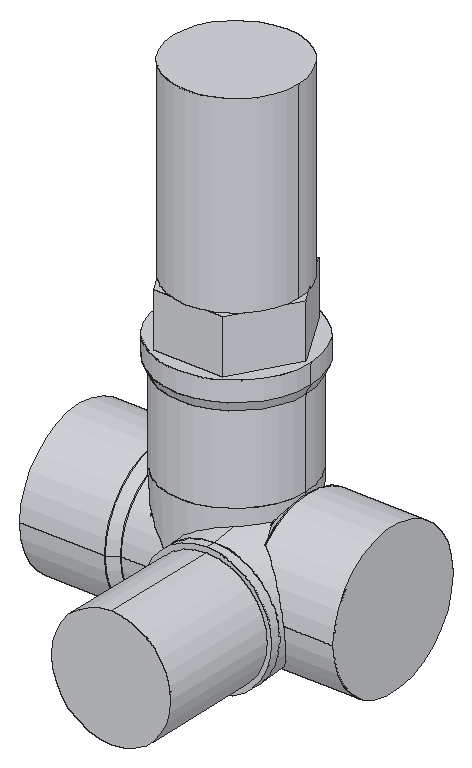
Revit family "TemCon_DN15_FF_RFA_2018", category Pipe Accessories, Revit 2018
Family settings
  Round Connector Dimension = Use Diameter
  Part Type = Valve - Breaks Into
  Work Plane-Based = No
  Always vertical = Yes
  Cut with Voids When Loaded = No
  Shared = No
Parameters (values of type "TemCon DN15 F/F")
  magiProductId = "b4af831f0cd8469b8a1c3640f49a5f"
  magiProductFamilyId = "bd44fe9f852841a2a328978ab5ffb8"
  magiPartTypeId = 306
  isMeasuringValve [instance] = no
  ang2D [instance] = 0.00°
  W2D = 15 mm
  W1 = 24 mm
  W = 42 mm
  VersionID = "2.0/2018.12.13.2/FRESE_TEMCON_F_001"
  Use Minimum Symbol Size [instance] = no
  URL = "www.hydronix.cz"
  Type Comments = "závitový s vnitřním závitem;  PN10;  max dp=100kPa; pracovní rozsah 10+-100°C; rozsah nastavení 37-65°C; rpzsah nastavení pro bypass 70-80°C;"
  R7 = 12 mm
  R6 = 13 mm
  R5 = 12.591 mm
  R4 = 14.99 mm
  R3 = 13.99 mm
  R2 = 13.5 mm
  R1 = 15 mm
  QmdConnectorList = "301;D;302;D"
  Productdata [instance] = ""
  Manufacturer = "Hydronix"
  MC Product Code = "47-2890 DN15 FF (37-65°C, max 100kPa)"
  LT2 = 31.5 mm
  L2D_Min = 30.48 mm
  L2D = 63 mm
  L2 = 24.98 mm
  L1__ve = -L1  # -17.01 mm
  L1 = 17.01 mm
  Keynote = ""
  H4 = 38.6 mm
  H3 = 10.8 mm
  H2 = 4 mm
  H1 = 17.6 mm
  Description = "Automatický termostatický vyvažovací ventil pro rozvody TUV"
  D = 15 mm
  CenSd_R3_6 = R3 * cos(30.00°)  # 12.116 mm
Reference planes
  plane 1 "Center (Front/Back)": y = 0
  plane 2 "XYPLANE": z = 0
  plane 3 "Center (Left/Right)": x = 0
  plane 4 "53": y = -42
  plane 5 "50": x = 8.49
  plane 6 "48": y = -16
  plane 7 "44": y = -18
  plane 8 "42": z = -2
  plane 9 "40": z = 49.4
  plane 10 "38": z = 38.6
  plane 11 "33": z = 34.6
  plane 12 "30": z = 32.6
  plane 13 "26": z = 15
  plane 14 "22": x = 14.49
  plane 15 "21": x = 12.49
  plane 16 "13": x = -12.49
  plane 17 "12": x = -14.49
  plane 18 "6": x = 31.5
  plane 19 "5": x = -31.5
  plane 20 "3": z = 0
  plane 21 "2": y = 0
  plane 22 "1": x = 0
Forms (mm)
  Extrusion 1, solid
    sketch origin (750, -42, 0) x (-1, 0, 0) y (0, 0, 1)
      loop
        circle (741.51, -2) r 12
    from 0 to 24 <- "W1"
  Blend 2, solid
    base sketch origin (750, 0, 0) x (-1, 0, 0) y (0, 0, 1)
      loop
        circle (741.51, 0) r 13.5
    top sketch origin (750, 0, 0) x (-1, 0, 0) y (0, 0, 1)
      loop
        circle (741.51, -2) r 13
    from 0 to -16
  Extrusion 3, solid
    sketch origin (750, -18, 0) x (-1, 0, 0) y (0, 0, 1)
      loop
        circle (741.51, -2) r 13
    from 0 to 2
  Extrusion 4, solid
    sketch origin (-750, 0, 49.4) x (1, 0, 0) y (0, 1, 0)
      loop
        circle (750, 0) r 12.591
    from 0 to 38.6 <- "H4"
  Extrusion 5, solid
    sketch origin (-750, 0, 38.6) x (1, 0, 0) y (0, 1, 0)
      loop
        line (763.99, 0) -> (756.995, 12.116) -> (743.005, 12.116) -> (736.01, 0) -> (743.005, -12.116) -> (756.995, -12.116) -> (763.99, 0)
    from 0 to 10.8 <- "H3"
  Extrusion 6, solid
    sketch origin (-750, 0, 34.6) x (1, 0, 0) y (0, 1, 0)
      loop
        circle (750, 0) r 14.99
    from 0 to 4 <- "H2"
  Blend 7, solid
    base sketch origin (-750, 0, 32.6) x (1, 0, 0) y (0, 1, 0)
      loop
        circle (750, 0) r 13.99
    top sketch origin (-750, 0, 32.6) x (1, 0, 0) y (0, 1, 0)
      loop
        circle (750, 0) r 14.99
    from 0 to 2
  Extrusion 8, solid
    sketch origin (-750, 0, 15) x (1, 0, 0) y (0, 1, 0)
      loop
        circle (750, 0) r 13.99
    from 0 to 17.6 <- "H1"
  Blend 9, solid
    base sketch origin (-750, 0, 0) x (1, 0, 0) y (0, 1, 0)
      loop
        circle (750, 0) r 13.5
    top sketch origin (-750, 0, 0) x (1, 0, 0) y (0, 1, 0)
      loop
        circle (750, 0) r 13.99
    from 0 to 15
  Blend 10, solid
    base sketch origin (12.49, -750, 0) x (0, 1, 0) y (0, 0, 1)
      loop
        circle (750, 0) r 13.5
    top sketch origin (12.49, -750, 0) x (0, 1, 0) y (0, 0, 1)
      loop
        circle (750, 0) r 15
    from 0 to 2
  Extrusion 11, solid
    sketch origin (31.5, -750, 0) x (0, 1, 0) y (0, 0, 1)
      loop
        circle (750, 0) r 15
    from 0 to -17.01 <- "L1__ve"
  Extrusion 12, solid
    sketch origin (-12.49, -750, 0) x (0, 1, 0) y (0, 0, 1)
      loop
        circle (750, 0) r 13.5
    from 0 to 24.98 <- "L2"
  Blend 13, solid
    base sketch origin (-14.49, -750, 0) x (0, 1, 0) y (0, 0, 1)
      loop
        circle (750, 0) r 15
    top sketch origin (-14.49, -750, 0) x (0, 1, 0) y (0, 0, 1)
      loop
        circle (750, 0) r 13.5
    from 0 to 2
  Extrusion 14, solid
    sketch origin (-31.5, -750, 0) x (0, 1, 0) y (0, 0, 1)
      loop
        circle (750, 0) r 15
    from 0 to 17.01 <- "L1"
  Extrusion 15, solid, not visible
    sketch origin (31.5, -750, 0) x (0, 1, 0) y (0, 0, 1)
      loop
        circle (750, 0) r 10
    from 0 to -10
  Extrusion 16, solid, not visible
    sketch origin (-31.5, -750, 0) x (0, 1, 0) y (0, 0, 1)
      loop
        circle (750, 0) r 10
    from 0 to 10
Lines and regions (mm)
  reference lines, not visible
    curve 1: circle (2, 2, 0) r 1 normal (0, 0, 1)
  reference lines
    curve 2: line (0, 0, 38.6) -> (-3.497, 6.058, 38.6)
    curve 3: line (0, 0, 38.6) -> (-6.995, 0, 38.6)
    curve 4: line (0, 0, 38.6) -> (-3.497, -6.058, 38.6)
Dimensions and locks
  plane 1 "Center (Front/Back)" to curve 1 = 2 mm
  "W": plane 1 "Center (Front/Back)" to plane 4 "53"
  locked: plane 15 "21" to plane 5 "50" at 4
  locked: plane 7 "44" to plane 6 "48" at 2
  locked: plane 1 "Center (Front/Back)" to plane 7 "44" at 18
  locked: plane 2 "XYPLANE" to plane 8 "42" at 2
  "H3": plane 10 "38" to plane 9 "40"
  "H2": plane 11 "33" to plane 10 "38"
  locked: plane 12 "30" to plane 11 "33" at 2
  "H1": plane 13 "26" to plane 12 "30"
  locked: plane 2 "XYPLANE" to plane 13 "26" at 15
  locked: plane 15 "21" to plane 14 "22" at 2
  "L2": plane 16 "13" to plane 15 "21"
  locked: plane 17 "12" to plane 16 "13" at 2
  "L1": plane 19 "5" to plane 17 "12"
  "LT2": plane 3 "Center (Left/Right)" to plane 18 "6"
  "LT2": plane 3 "Center (Left/Right)" to plane 19 "5"
  locked: plane 2 "XYPLANE" to plane 20 "3"
  locked: plane 1 "Center (Front/Back)" to plane 21 "2"
  locked: plane 3 "Center (Left/Right)" to plane 22 "1"
  "CenSd_R3_6": curve 2 to Extrusion 5 sketch curve  (x2)
  "CenSd_R3_6": curve 3 to Extrusion 5 sketch curve  (x2)
  "CenSd_R3_6": curve 4 to Extrusion 5 sketch curve  (x2)
  Extrusion 5 sketch curve to Extrusion 5 sketch curve = 0 mm  (x12)
  "R7": radius of Extrusion 1 sketch curve
  "R6": radius of Blend 2 sketch curve
  "R2": radius of Blend 2 sketch curve
  "R6": radius of Extrusion 3 sketch curve
  "R5": radius of Extrusion 4 sketch curve
  "R4": radius of Extrusion 6 sketch curve
  "R4": radius of Blend 7 sketch curve
  "R3": radius of Blend 7 sketch curve
  "R3": radius of Extrusion 8 sketch curve
  "R3": radius of Blend 9 sketch curve
  "R2": radius of Blend 9 sketch curve
  "R1": radius of Blend 10 sketch curve
  "R2": radius of Blend 10 sketch curve
  "R1": radius of Extrusion 11 sketch curve
  "R2": radius of Extrusion 12 sketch curve
  "R2": radius of Blend 13 sketch curve
  "R1": radius of Blend 13 sketch curve
  "R1": radius of Extrusion 14 sketch curve
  locked: curve 3 to curve 2 (angle 60.00°)
  locked: curve 4 to curve 3 (angle 60.00°)
  locked: curve 4 to curve 2 (angle 120.00°)
  aligned and locked: level to plane 2 "XYPLANE"
  aligned and locked: plane 5 "50" to Extrusion 1 sketch curve
  aligned and locked: plane 8 "42" to Extrusion 1 sketch curve
  aligned and locked: plane 5 "50" to Blend 2 sketch curve  (x2)
  aligned and locked: plane 8 "42" to Blend 2 sketch curve
  aligned and locked: plane 20 "3" to Blend 2 sketch curve
  aligned and locked: Blend 2 to plane 6 "48"
  aligned and locked: plane 5 "50" to Extrusion 3 sketch curve
  aligned and locked: plane 8 "42" to Extrusion 3 sketch curve
  aligned and locked: plane 21 "2" to Extrusion 4 sketch curve
  aligned and locked: plane 22 "1" to Extrusion 4 sketch curve
  aligned and locked: plane 21 "2" to curve 4
  aligned and locked: plane 22 "1" to curve 4
  aligned and locked: plane 21 "2" to Extrusion 6 sketch curve
  aligned and locked: plane 22 "1" to Extrusion 6 sketch curve
  aligned and locked: plane 21 "2" to Blend 7 sketch curve  (x2)
  aligned and locked: plane 22 "1" to Blend 7 sketch curve  (x2)
  aligned and locked: plane 11 "33" to Blend 7
  aligned and locked: plane 21 "2" to Extrusion 8 sketch curve
  aligned and locked: plane 22 "1" to Extrusion 8 sketch curve
  aligned and locked: plane 21 "2" to Blend 9 sketch curve  (x2)
  aligned and locked: plane 22 "1" to Blend 9 sketch curve  (x2)
  aligned and locked: plane 13 "26" to Blend 9
  aligned and locked: plane 20 "3" to Blend 10 sketch curve  (x2)
  aligned and locked: Blend 10 sketch curve to plane 21 "2"  (x2)
  aligned and locked: plane 14 "22" to Blend 10
  aligned and locked: plane 20 "3" to Extrusion 11 sketch curve
  aligned and locked: Extrusion 11 sketch curve to plane 21 "2"
  aligned and locked: plane 20 "3" to Extrusion 12 sketch curve
  aligned and locked: Extrusion 12 sketch curve to plane 21 "2"
  aligned and locked: plane 20 "3" to Blend 13 sketch curve  (x2)
  aligned and locked: Blend 13 sketch curve to plane 21 "2"  (x2)
  aligned and locked: plane 16 "13" to Blend 13
  aligned and locked: plane 20 "3" to Extrusion 14 sketch curve
  aligned and locked: Extrusion 14 sketch curve to plane 21 "2"
  aligned and locked: plane 20 "3" to Extrusion 15 sketch curve
  aligned and locked: Extrusion 15 sketch curve to plane 21 "2"
  aligned and locked: plane 20 "3" to Extrusion 16 sketch curve
  aligned and locked: Extrusion 16 sketch curve to plane 21 "2"
Automatic sketch dimensions
  plane 6 "48" to Extrusion 15 sketch curve = 6 mm
  plane 6 "48" to Extrusion 16 sketch curve = 6 mm
  plane 3 "Center (Left/Right)" to curve 1 = 2 mm
  radius of curve 1 = 1 mm
Connectors
  piping at (-31.5, 0, 0), diameter 15, driven by "D"
    settings: on Extrusion 16, index 1, connector inside diameter 609.6 mm, connector length 0 mm, flow factor 0, pipe flow 0.0 L/s, pressure drop 0.0 Pa, fitting loss kfactor 0, connector angle 0.00°, fixture units 0, engagement length 0 mm, angle of deflection 0.00°, flow configuration 0, flow direction 0, fitting loss method 0, system type 29, joint type 0, gender type 0, connector reference index 2, connector utility 0, adjustable connector no, is connector primary yes, connector description ""
  piping at (31.5, 0, 0), diameter 15, driven by "D"
    settings: on Extrusion 15, index 2, connector inside diameter 609.6 mm, connector length 0 mm, flow factor 0, pipe flow 0.0 L/s, pressure drop 0.0 Pa, fitting loss kfactor 0, connector angle 0.00°, fixture units 0, engagement length 0 mm, angle of deflection 0.00°, flow configuration 0, flow direction 0, fitting loss method 0, system type 29, joint type 0, gender type 0, connector reference index 1, connector utility 0, adjustable connector no, is connector primary no, connector description ""
